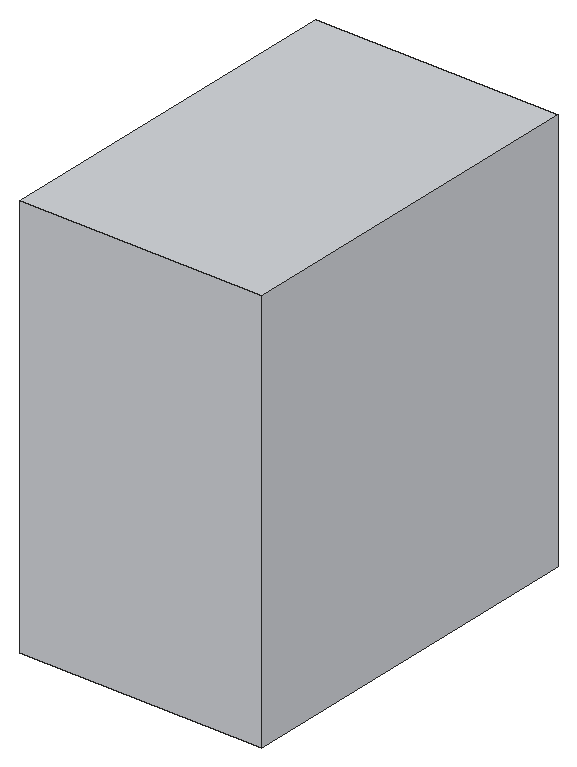
Revit family
Parameters
  Warranty Duration (Years) = 0
  Unit Width [instance] = 1' - 2 1/4"
  Unit Height [instance] = 2' - 4"
  Unit Depth = 0' - 0 1/2"
  URL = "http://www.americanspecialties.com/viewCategories.cfm"
  Trim Material = Metal - Stainless Steel
  Test Data = ""
  Specification = "http://www.arcat.com/sdspecs/htm/10810asi.htm"
  SpecWizard = ""
  Send Message = "http://www.arcat.com/users.pl?action=UserEmail&company=American%20Specialties,%20Inc.&coid=30448&rep=139&fax=914-476-0688&mf="
  Sales Information = "http://www.americanspecialties.com/contact"
  Revision = "R1_10-2010"
  Product Properties = "http://www.americanspecialties.com/datasheets/64623-9.pdf"
  Product Data = "http://www.arcat.com/arcatcos/cos30/arc30448.html"
  Model = "As Specified in 10 28 13"
  Manufacturer Website = "http://www.americanspecialties.com/viewCategories.cfm"
  Manufacturer Phone - Toll Free = ""
  Manufacturer Phone = "914-476-9000 "
  Manufacturer Fax = "914-476-0688"
  Manufacturer Address = "441 Saw Mill River Rd., Yonkers, NY 10701"
  Manufacturer = "American Specialties, Inc."
  Maintenance Schedule (Months) = 0
  Keynote = "10 28 13"
  Installation-Fabrication = "http://www.americanspecialties.com/products.cfm"
  Green Building-LEED = ""
  Expected Lifespan (Years) = 0
  Drawn By = "Robert S. Weygant. CSI, CDT, SCIP"  # constant formula
  Description = "Toilet Accessory as Specified in 10 28 13"
  Default Elevation = 4' - 0"
  Copyright = "©Arcat Inc."
  Construction Details = "http://www.arcat.com/green/clients/leed_data_30448.html"
  Building Codes = "http://www.americanspecialties.com/products.cfm"
  Body Material = Metal - Stainless Steel
  Assembly Code = "C1030210"
Reference planes (in)
  plane 1 "Center (Front/Back)": y = -0.29112
  plane 2 "Floor Line": z = 0
  plane 3 "Center (Left/Right)": x = -0.65843
Forms (in)
  Extrusion 1, solid
    sketch origin (-3, -9, -6) x (0, 0, -1) y (1, 0, 0)
      loop
        line (-82, 26) -> (-82, -19.34712) -> (-6, -19.34712) -> (-6, 26) -> (-82, 26)
    from 28.29112 to -41.06337
  Extrusion 2, solid, material "Metal - Stainless Steel" <- "Body Material"
    sketch origin (0, 0, -12.75) x (1, 0, 0) y (0, 1, 0)
      loop
        line (-6.78343, 12.70888) -> (-6.78343, -13.29112) -> (5.46657, -13.29112) -> (5.46657, 12.70888) -> (-6.78343, 12.70888)
    from 17 to 12.75
  Extrusion 3, solid, material "Metal - Stainless Steel" <- "Body Material"
    sketch origin (-0.90625, -0.29112, -12.75) x (1, 0, 0) y (0, 0, 1)
      loop
        line (-6.87718, 17) -> (7.37282, 17) -> (7.37282, 17.5) -> (-6.87718, 17.5) -> (-6.87718, 17)
    from -14 to 14
  Extrusion 4, void
    sketch origin (-0.65843, 0, 4.2747) x (0, 1, 0) y (0, 0, 1)
      loop
        line (0.52007, -4.23804) -> (2.70888, 0) -> (2.70888, 0.9375) -> (-3.29112, 0.9375) -> (-3.29112, -4.23804) -> (0.52007, -4.23804)
    from -6.09375 to 6.09375
  Extrusion 5, void
    sketch origin (-0.65843, 0, 4.2747) x (0, 1, 0) y (0, 0, 1)
      loop
        line (-3.29112, -0.03125) -> (-13.2776, -0.03125) -> (-13.2776, -4.23804) -> (-3.29112, -4.23804) -> (-3.29112, -0.03125)
    from -6.09375 to 6.09375
  Extrusion 6, void
    sketch origin (-34, -5.1136, 7.47695) x (1, 0, 0) y (0, 0.458881, 0.888498)
      loop
        line (28.09288, -1.93126) -> (28.85535, -1.93126)
        arc (28.85535, -1.93126) -> (33.22411, -2.34853) -> (37.59288, -1.93126) r 23.07885
        line (37.59288, -1.93126) -> (38.36783, -1.93126)
        arc (38.36783, -1.93126) -> (38.54891, -1.67833) -> (38.35535, -1.43482) r 0.2582
        line (38.35535, -1.43482) -> (37.60535, -1.43482)
        arc (37.60535, -1.43482) -> (33.23035, -0.48426) -> (28.85535, -1.43482) r 10.54338
        line (28.85535, -1.43482) -> (28.10535, -1.43482)
        arc (28.10535, -1.43482) -> (27.91179, -1.67833) -> (28.09288, -1.93126) r 0.2582
    from -8.41971 to -8.56412
  Extrusion 7, solid, material "Metal - Stainless Steel" <- "Trim Material"
    sketch origin (0, 0, -13.1875) x (1, 0, 0) y (0, 1, 0)
      loop
        circle (-5.78343, -8.28501) r 0.5
      loop
        line (-5.84025, -7.86636) -> (-5.84025, -8.71587) -> (-5.72662, -8.71587) -> (-5.72662, -7.86636) -> (-5.84025, -7.86636)
      loop
        circle (-5.78343, 7.70277) r 0.5
      loop
        line (-5.84025, 7.28413) -> (-5.72662, 7.28413) -> (-5.72662, 8.13364) -> (-5.84025, 8.13364) -> (-5.84025, 7.28413)
    from 17.9375 to 18
  Extrusion 8, solid, material "Metal - Stainless Steel" <- "Body Material"
    sketch origin (0, 0, 0) x (1, 0, 0) y (0, 1, 0)
      loop
        line (-6.78343, 12.70888) -> (-6.78343, -13.29112) -> (5.46657, -13.29112) -> (5.46657, 12.70888) -> (-6.78343, 12.70888)
      loop
        line (-7.78343, 13.70888) -> (-7.78343, -14.29112) -> (6.46657, -14.29112) -> (6.46657, 13.70888) -> (-7.78343, 13.70888)
    from 0 to 4.25
Cuts and joins
  Extrusion 4, Extrusion 6 cuts Extrusion 2
  Extrusion 4 cuts Extrusion 3
  Extrusion 4 cuts Extrusion 7
Dimensions and locks (in)
  Extrusion 3 sketch curve to Extrusion 3 sketch curve = 1' - 2 1/4"
  Extrusion 3 sketch curve to Extrusion 3 sketch curve = 0' - 0 1/2"
  aligned and locked: Extrusion 1 to level
